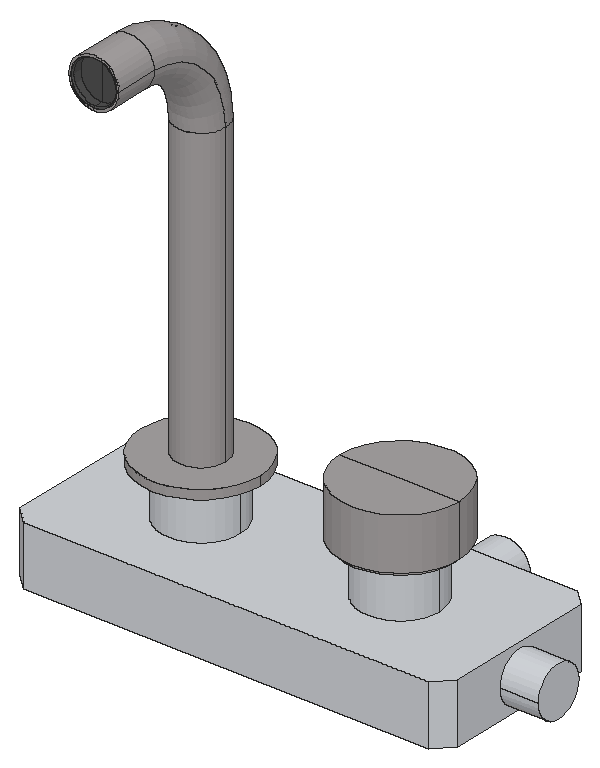
Revit family "Reece_Tap_Milli_Pure_Basin Mixer_Progressive_Wall Mounted_200 mm", category Plumbing Fixtures, host Face, Revit 2018
Family settings
  Host = Face
  Round Connector Dimension = Use Diameter
  Part Type = Normal
  Cut with Voids When Loaded = No
  Shared = Yes
  Room Calculation Point = Yes
Parameters (values of type "Brushed Gunmetal")
  WFU = 0  # constant formula
  URL = "https://www.reece.com.au/product/-2299015"
  Type Comments = "Tap"
  Reece_Tap_Reach = 200 mm  # constant formula
  Reece_Tap_Inlet = 12 mm  # constant formula
  Reece_Product_Web Page = "https://www.reece.com.au/product/-2299015"
  Reece_Product_Type = "Tap"  # constant formula
  Reece_Product_Sub Brand = "Pure"  # constant formula
  Reece_Product_Number = "2299015"
  Reece_Product_Mount = "Wall Mounted"
  Reece_Product_Description = "Milli Pure Progressive Wall Basin Mixer Tap System 200mm Brushed Gunmetal (3 Star)"
  Reece_Product_Brand = "Milli"  # constant formula
  Reece_Overall_Length = 212.5 mm  # constant formula
  Reece_Material_Main = Reece_Brass_Brushed Gunmetal
  Reece_Detail_Tap_Handle Texture = ""
  Reece_Detail_Installation = ""
  Reece_Detail_Disclaimer = "THIS FILE IS THE PROPERTY OF THE REECE GROUP. IT MAY NOT BE REPRODUCED, REVERSE-ENGINEERED OR MODIFIED. ANY REPUBLICATION, TRANSMISSION OR DISTRIBUTION FOR THE PURPOSE OF COMMERCIALLY EXPLOITING THE FILES IS PROHIBITED."  # constant formula
  Reece_Detail_Connector = ""
  Reece_Detail_Additional = "Basin Mixer"  # constant formula
  Model = "Pure"
  Manufacturer = "Milli"
  Keynote = "Product #2299015, Reece_Tap_Milli_Pure_Basin Mixer_Progressive_Wall Mounted_200 mm - Brushed Gunmetal"
  HWFU = 0  # constant formula
  Disclaimer = "THIS FILE IS THE PROPERTY OF THE REECE GROUP. IT MAY NOT BE REPRODUCED, REVERSE-ENGINEERED OR MODIFIED. ANY REPUBLICATION, TRANSMISSION OR DISTRIBUTION FOR THE PURPOSE OF COMMERCIALLY EXPLOITING THE FILES IS PROHIBITED."  # constant formula
  Description = "Milli Pure Progressive Wall Basin Mixer Tap System 200mm Brushed Gunmetal (3 Star)"
  Default Elevation = 1000 mm
  CWFU = 0  # constant formula
Types (6, lengths in mm): name | URL | Reece_Product_Web Page | Reece_Product_Number | Reece_Product_Description | Reece_Material_Main | Keynote | Description
  Brushed Gunmetal | "https://www.reece.com.au/product/-2299015" | "https://www.reece.com.au/product/-2299015" | "2299015" | "Milli Pure Progressive Wall Basin Mixer Tap System 200mm Brushed Gunmetal (3 Star)" | Reece_Brass_Brushed Gunmetal | "Product #2299015, Reece_Tap_Milli_Pure_Basin Mixer_Progressive_Wall Mounted_200 mm - Brushed Gunmetal" | "Milli Pure Progressive Wall Basin Mixer Tap System 200mm Brushed Gunmetal (3 Star)"
  Chrome | "https://www.reece.com.au/product/-2299006" | "https://www.reece.com.au/product/-2299006" | "2299006" | "Milli Pure Progressive Wall Basin Mixer Tap System 200mm Chrome (3 Star)" | Reece_Brass_Chrome | "Product #2299006, Reece_Tap_Milli_Pure_Basin Mixer_Progressive_Wall Mounted_200 mm - Chrome" | "Milli Pure Progressive Wall Basin Mixer Tap System 200mm Chrome (3 Star)"
  Matte Black | "https://www.reece.com.au/product/-2299009" | "https://www.reece.com.au/product/-2299009" | "2299009" | "Milli Pure Progressive Wall Basin Mixer Tap System 200mm Matte Black (3 Star)" | Reece_Brass_Matte Black | "Product #2299009, Reece_Tap_Milli_Pure_Basin Mixer_Progressive_Wall Mounted_200 mm - Matte Black" | "Milli Pure Progressive Wall Basin Mixer Tap System 200mm Matte Black (3 Star)"
  Brushed Nickel | "https://www.reece.com.au/product/-2299215" | "https://www.reece.com.au/product/-2299215" | "2299215" | "Milli Pure Progressive Wall Basin Mixer Tap System 200mm Brushed Nickel (3 Star)" | Reece_Brass_Brushed Nickel | "Product #2299215, Reece_Tap_Milli_Pure_Basin Mixer_Progressive_Wall Mounted_200 mm - Brushed Nickel" | "Milli Pure Progressive Wall Basin Mixer Tap System 200mm Brushed Nickel (3 Star)"
  PVD Brushed Bronze | "https://www.reece.com.au/product/-9511148" | "https://www.reece.com.au/product/-9511148" | "9511148" | "Milli Pure Progressive Wall Basin Mixer Tap System 200mm PVD Brushed Bronze (3 Star)" | Reece_PVD_Brushed Bronze | "Product #9511148, Reece_Tap_Milli_Pure_Basin Mixer_Progressive_Wall Mounted_200 mm - PVD Brushed Bronze" | "Milli Pure Progressive Wall Basin Mixer Tap System 200mm PVD Brushed Bronze (3 Star)"
  PVD Brushed Gold | "https://www.reece.com.au/product/-9510963" | "https://www.reece.com.au/product/-9510963" | "9510963" | "Milli Pure Progressive Wall Basin Mixer Tap System 200mm PVD Brushed Gold (3 Star)" | Reece_PVD_Brushed Gold | "Product #9510963, Reece_Tap_Milli_Pure_Basin Mixer_Progressive_Wall Mounted_200 mm - PVD Brushed Gold" | "Milli Pure Progressive Wall Basin Mixer Tap System 200mm PVD Brushed Gold (3 Star)"
Reference planes
  plane 1 "Center (Front/Back)": y = 0
  plane 2 "Bottom": z = 0
  plane 3 "Center (Left/Right)": x = 0
  plane 4 "Top": z = 212.5
  plane 5: z = 200
  plane 6: y = -67
Forms (mm)
  Extrusion 1, solid, material "Reece_Brass_Brushed Gunmetal" <- "Reece_Material_Main"
    sketch origin (0, 0, 0) x (1, 0, 0) y (0, 1, 0)
      loop
        circle (-50, 0) r 30
    from 0 to 4.5
  Sweep 2, solid, material "Reece_Brass_Brushed Gunmetal" <- "Reece_Material_Main"
    path origin (0, 0, 0) x (0, 1, 0) y (0, 0, 1)
      loop
        line (-67, 200) -> (-45, 200)
        arc (-45, 200) -> (-13.18, 186.82) -> (0, 155) r 45
        line (0, 155) -> (0, 0)
    profile origin (0, 0, 77.5) x (1, 0, 0) y (0, 1, 0)
      loop
        circle (-50, 0) r 12.5
      loop
        circle (-50, 0) r 11.5
  Revolve 3, solid, material "Reece_Brass_Matte Black"
    sketch origin (-50, -183.21, 68.488) x (0, 0.572951, -0.81959) y (0, 0.81959, 0.572951)
      loop
        line (-38.39, 174.619) -> (-37.119, 176.437) -> (-46.38, 182.911) -> (-50.465, 177.068) -> (-49.461, 177.508) -> (-47.184, 180.766) -> (-38.39, 174.619)
      axis (-37.119, 176.437) -> (-41.203, 170.594)
    angle from 0 to 360
  Extrusion 4, solid
    sketch origin (0, 0, 0) x (1, 0, 0) y (0, 1, 0)
      loop
        circle (50, 0) r 20
    from 0 to -25
  Extrusion 5, solid
    sketch origin (0, 0, 0) x (1, 0, 0) y (0, 1, 0)
      loop
        line (-101.853, 46.5) -> (-110, 38.353) -> (-110, -38.353) -> (-101.853, -46.5) -> (101.853, -46.5) -> (110, -38.353) -> (110, 38.353) -> (101.853, 46.5) -> (-101.853, 46.5)
    from -55 to -25
  Extrusion 6, solid
    sketch origin (-100, 0, 0) x (1, 0, 0) y (0, 1, 0)
      loop
        circle (50, 0) r 20
    from 0 to -25
  Extrusion 7, solid
    sketch origin (0, 0, 0) x (1, 0, 0) y (0, 0, 1)
      loop
        circle (50, -40) r 12.5
    from -66.119 to -46.5
  Extrusion 8, solid
    sketch origin (63.5, 50, 0) x (0, -1, 0) y (0, 0, 1)
      loop
        circle (50, -40) r 12.5
    from -66.119 to -46.5
  Extrusion 9, void
    sketch origin (-100, 0, 0) x (1, 0, 0) y (0, 1, 0)
      loop
        circle (50, 0) r 25
    from 0 to -30
  Extrusion 10, void
    sketch origin (100, 0, 0) x (-1, 0, 0) y (0, -1, 0)
      loop
        circle (50, 0) r 25
    from 0 to -30
  Extrusion 11, solid, material "Reece_Brass_Brushed Gunmetal" <- "Reece_Material_Main"
    sketch origin (0, 0, 0) x (1, 0, 0) y (0, 1, 0)
      loop
        circle (50, 0) r 28
    from 2 to 0
  Revolve 12, solid, material "Reece_Brass_Brushed Gunmetal" <- "Reece_Material_Main"
    sketch origin (0, 0, 0) x (1, 0, 0) y (0, 0, 1)
      loop
        line (80, 28) -> (50, 28) -> (50, 2) -> (80, 2) -> (80, 28)
      axis (50, 2) -> (50, 28)
    angle from 0 to 360
Cuts and joins
  Extrusion 10 cuts Extrusion 1
  Extrusion 10 cuts Sweep 2
  joined: Extrusion 1, Sweep 2
  Extrusion 10 cuts Extrusion 6
  Extrusion 10 cuts Extrusion 7
  Extrusion 10 cuts Extrusion 8
  joined: Extrusion 4, Extrusion 5, Extrusion 6, Extrusion 7, Extrusion 8
Text (mm)
  text "Reece Copyright © 2018, Reece Ltd." at (-1403.988, -1192.393, 0), in view "Ref. Level"
  text "Reece ©" at (-5.966, 172.492, 156.237), in view "Reece Preview"
Dimensions and locks
  "Reece_Tap_Reach": plane 5 to plane 2 "Bottom"
  plane 1 "Center (Front/Back)" to plane 6 = 67 mm
  locked: plane 4 "Top" to plane 5 at 12.5
  "Reece_Overall_Length": plane 4 "Top" to plane 2 "Bottom"
  aligned and locked: plane 2 "Bottom" to host face
  aligned and locked: level to host face
  aligned and locked: host face to Extrusion 9
Automatic sketch dimensions
  host sketch curve to host sketch curve = 380.785 mm
  host sketch curve to host sketch curve = 317.421 mm
  plane 1 "Center (Front/Back)" to Extrusion 1 sketch curve = 0 mm
  Extrusion 1 sketch curve to plane 3 "Center (Left/Right)" = 50 mm
  Sweep 2 sketch curve to plane 5 = 0 mm
  Sweep 2 sketch curve to plane 6 = 0 mm
  level to Sweep 2 sketch curve = 0 mm
  Sweep 2 sketch curve to plane 1 "Center (Front/Back)" = 0 mm
  Sweep 2 sketch curve to plane 6 = 22 mm
  Sweep 2 sketch curve to Sweep 2 sketch curve = 0 mm  (x2)
  profile plane to Sweep 2 sketch curve = 0 mm
  Sweep 2 sketch curve to plane 3 "Center (Left/Right)" = 50 mm
  Revolve 3 sketch curve to plane 5 = 0 mm  (x4)
  Revolve 3 sketch curve to plane 6 = 0 mm
  Revolve 3 sketch curve to plane 4 "Top" = 1.2 mm
  Revolve 3 sketch curve to Revolve 3 sketch curve = 1.003 mm
  Revolve 3 sketch curve to Revolve 3 sketch curve = 2.278 mm
  Revolve 3 sketch curve to Revolve 3 sketch curve = 0.803 mm
  Revolve 3 sketch curve to Revolve 3 sketch curve = 1.271 mm
  Revolve 3 sketch curve to Revolve 3 sketch curve = 17.422 mm
  Revolve 3 sketch curve to Revolve 3 sketch curve = 3.892 mm
  Extrusion 4 sketch curve to Extrusion 4 sketch curve = 0 mm  (x2)
  plane 1 "Center (Front/Back)" to Extrusion 4 sketch curve = 0 mm
  plane 3 "Center (Left/Right)" to Extrusion 4 sketch curve = 50 mm
  Extrusion 4 sketch curve to Extrusion 4 sketch curve = 20 mm
  Extrusion 5 sketch curve to Extrusion 5 sketch curve = 8.147 mm  (x7)
  Extrusion 5 sketch curve to plane 1 "Center (Front/Back)" = 46.5 mm
  Extrusion 5 sketch curve to plane 3 "Center (Left/Right)" = 101.853 mm
  Extrusion 5 sketch curve to plane 6 = 20.5 mm
  Extrusion 5 sketch curve to Extrusion 5 sketch curve = 0 mm
  Extrusion 6 sketch curve to Extrusion 6 sketch curve = 0 mm  (x2)
  plane 1 "Center (Front/Back)" to Extrusion 6 sketch curve = 0 mm
  Extrusion 6 sketch curve to plane 3 "Center (Left/Right)" = 50 mm
  Extrusion 6 sketch curve to Extrusion 6 sketch curve = 20 mm
  plane 3 "Center (Left/Right)" to Extrusion 7 sketch curve = 50 mm
  Extrusion 7 sketch curve to level = 40 mm
  Extrusion 8 sketch curve to plane 1 "Center (Front/Back)" = 0 mm
  Extrusion 8 sketch curve to level = 40 mm
  Extrusion 9 sketch curve to Extrusion 9 sketch curve = 0 mm  (x2)
  plane 1 "Center (Front/Back)" to Extrusion 9 sketch curve = 0 mm
  Extrusion 9 sketch curve to plane 3 "Center (Left/Right)" = 50 mm
  Extrusion 9 sketch curve to Extrusion 9 sketch curve = 25 mm
  Extrusion 10 sketch curve to Extrusion 10 sketch curve = 0 mm  (x2)
  plane 1 "Center (Front/Back)" to Extrusion 10 sketch curve = 0 mm
  Extrusion 10 sketch curve to plane 3 "Center (Left/Right)" = 50 mm
  Extrusion 10 sketch curve to Extrusion 10 sketch curve = 25 mm
  plane 3 "Center (Left/Right)" to Extrusion 5 sketch curve = 101.853 mm
  plane 1 "Center (Front/Back)" to Extrusion 11 sketch curve = 0 mm
  plane 3 "Center (Left/Right)" to Extrusion 11 sketch curve = 50 mm
  plane 3 "Center (Left/Right)" to Revolve 12 sketch curve = 50 mm
  level to Revolve 12 sketch curve = 2 mm
  Revolve 12 sketch curve to Revolve 12 sketch curve = 30 mm
  Revolve 12 sketch curve to Revolve 12 sketch curve = 26 mm
  Revolve 12 sketch curve to Revolve 12 sketch curve = 0 mm  (x2)
  Revolve 12 sketch curve to Revolve 12 sketch curve = 10 mm
  radius of Extrusion 1 sketch curve = 30 mm
  radius of Sweep 2 sketch curve = 12.5 mm
  radius of Sweep 2 sketch curve = 11.5 mm
  radius of Extrusion 7 sketch curve = 12.5 mm
  radius of Extrusion 8 sketch curve = 12.5 mm
  radius of Extrusion 11 sketch curve = 28 mm
Connectors
  piping at (50, 66.119, -40), diameter 12, driven by "Reece_Tap_Inlet"
    settings: on cut or joined group of Extrusion 4, Extrusion 5, Extrusion 6, Extrusion 7, Extrusion 8, Extrusion 10, index 1, connector inside diameter 609.6 mm, connector length 0 mm, flow factor 0, pipe flow 0.0 L/s, pressure drop 0.0 Pa, fitting loss kfactor 0, connector angle 0.00°, fixture units 0, engagement length 0 mm, angle of deflection 0.00°, flow configuration 0, flow direction 1, fitting loss method 0, system type 29, joint type 0, gender type 0, connector reference index -1, connector utility 0, adjustable connector no, is connector primary yes, connector description ""
  piping at (129.619, 0, -40), diameter 12, driven by "Reece_Tap_Inlet"
    settings: on cut or joined group of Extrusion 4, Extrusion 5, Extrusion 6, Extrusion 7, Extrusion 8, Extrusion 10, index 2, connector inside diameter 609.6 mm, connector length 0 mm, flow factor 0, pipe flow 0.0 L/s, pressure drop 0.0 Pa, fitting loss kfactor 0, connector angle 0.00°, fixture units 0, engagement length 0 mm, angle of deflection 0.00°, flow configuration 0, flow direction 1, fitting loss method 0, system type 29, joint type 0, gender type 0, connector reference index -1, connector utility 0, adjustable connector no, is connector primary no, connector description ""
